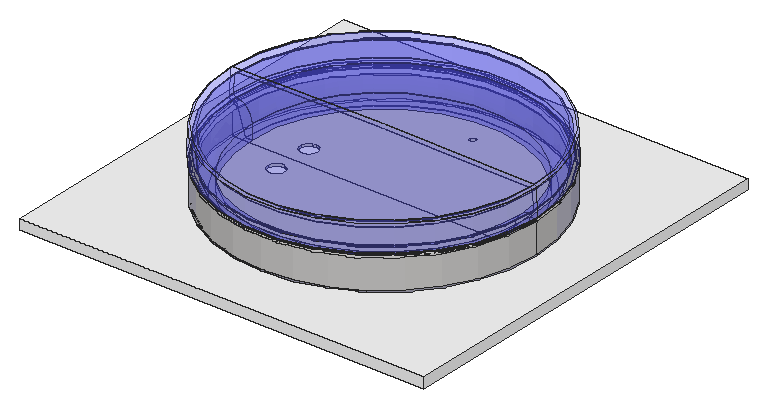
Revit family "BE_50647.2_de_DE", category Leuchten, Revit 2020
Family settings
  Basisbauteil = Fläche
  Bemaßung runder Anschluss = Durchmesser verwenden
  Teiletyp = Normal
  Beim Laden mit Abzugskörper schneiden = Ja
  Lichtquelle = Ja
  Gemeinsam genutzt = Nein
  Raumberechnungspunkt = Ja
Parameters (values of type "BEGA_50647.2_K4")
  built-in parameter 1150104 = 13.852 (stored number, unit not read)
  Wattage = 19.6 W
  Default Elevation = 0 mm
  built-in parameter 1150113 = 1 (stored number, unit not read)
  built-in parameter 1114218 = 1 (stored number, unit not read)
  Umgebungstemperatur = "25 °C"
  URL = "https://www.bega.com/de/produkt/50647.2"
  Typenkommentare = "© 2022 BEGA. Wir behalten uns das Recht vor, technische Änderungen ohne vorherige Ankündigung vorzunehmen."  # constant formula
  Type Image = 50647.2.png
  built-in parameter 1150134 = 12
  built-in parameter 1150109 = 1 (stored number, unit not read)
  Strom = ""
  built-in parameter 1150110 = 1 (stored number, unit not read)
  Spannung = 239.996 V
  Sonderanfertigung = no
  Seriennummer [instance] = "Hier können Sie die eindeutige Seriennummer für das Facility Management eintragen."
  Schutzklasse = "I"
  Schutzart = "IP 64"
  Scheinlast = 0 VA
  Produktdatenblatt = "https://cdn.bega.com/bega/products/50647.2K4/current/documents/data-sheets/de"
  Oberflächentemperatur = ""
  Neigungswinkel = 0.00°
  Modell = "50647.2K4"
  Material_17 = BEGA_Reflektor
  Material_15 = BEGA_Leuchtmedium_matt
  Material_11 = BEGA_Glas_opal
  Material_09 = BEGA_Glas_klar
  Material_06 = BEGA_Oberfläche_Edelstahl_gebürstet
  Material_03 = BEGA_Oberfläche_Weiss_matt
  Material_02 = BEGA_Oberfläche_Silber_matt
  Material_01 [instance] = BEGA_Oberfläche_Grafit_matt
  M_W = no
  M_G = no
  M_A = no
  Logo = 0
  built-in parameter 1114217 = 1 (stored number, unit not read)
  built-in parameter 1150139 = (empty or 0)
  built-in parameter 1150105 = 232.55 (stored number, unit not read)
  built-in parameter 1150114 = 1 (stored number, unit not read)
  Lumens = 2922.36 lm
  built-in parameter 1150115 = 1 (stored number, unit not read)
  Leuchtenlichtstrom = "1486 lm"
  Leuchtenanzahl = ""
  Lebensdauerkriterien = "L70B50 @ 25 °C = 153000 h"
  Lastklassifizierung = Beleuchtung
  built-in parameter 1150112 = 1 (stored number, unit not read)
  Lampenlichtstrom = "3295 lm"
  Lampe = "LED 19.3 W"
  LED_Modulbezeichnung = "LED-0832/940"
  Hersteller = "BEGA"  # constant formula
  Halbstreuwinkel = ""
  Gewicht = "2.6 kg"
  Gebrauchslageneinschränkung [instance] = ""
  Frequenz = "0/50-60 Hz"
  Farbwiedergabeindex = "CRI > 90"
  Farbtemperaturverschiebung bei Dämpfen der Lampe = <Keine Auswahl>
  Farbtemperatur = "4000 K"
  Color Filter = 16777215
  built-in parameter 1150133 = 10 (stored number, unit not read)
  Energieeffizienzklasse = "LED A++ - A"
  built-in parameter 1150137 = (empty or 0)
  built-in parameter 1150132 = (empty or 0)
  ENEC = "ja"
  Dimmbar [instance] = "on/off"
  Datei für fotometrisches Netz = "BE_50647.2K4.IES"
  CE_Konformität = "ja"
  Bestellnummer = "50647.2K4"
  Beschreibung_Sonderanfertigung = "Hier können Sie Informationen zur Sonderanfertigung eintragen."
  Beschreibung = "Decken- und Wandleuchte"
  built-in parameter 1150106 = 2.3255 (stored number, unit not read)
  Befestigungsbohrung = "Ø 5,5 mm"
  Befestigungsabstand = "220 mm"
  Ballwurfsicher = ""
  BEGA_Intern_aus = yes
  BEGA_Intern_an = yes
  BEGA_Intern_Konstruktion = yes
  BEGA_Intern = yes
  BEGA_IES = yes
  BEGA_Dummy = no
  Anschlussleitung = ""
  Anschlussleistung [instance] = "22.5 W"
  Anschlusskasten = ""
  built-in parameter 1150107 = 4000 (stored number, unit not read)
  built-in parameter 1150102 = (empty or 0)
  built-in parameter 1150138 = (empty or 0)
  Aktualisierung = "2022-05-19T04:00:07"
  Abstand_zur_angestrahlten_Fläche [instance] = ""
  AC/DC = "AC/DC"
Types (2, lengths in mm): name | built-in parameter 1150104 | built-in parameter 1150134 | Modell | built-in parameter 1150105 | Lumens | Leuchtenlichtstrom | Lampenlichtstrom | LED_Modulbezeichnung | Farbtemperatur | Datei für fotometrisches Netz | Bestellnummer | built-in parameter 1150106 | built-in parameter 1150107
  BEGA_50647.2_K3 | 13.387 (stored number, unit not read) | (empty or 0) | "50647.2K3" | 224.76 (stored number, unit not read) | 2824.36 lm | "1427 lm" | "3165 lm" | "LED-0832/930" | "3000 K" | "BE_50647.2K3.IES" | "50647.2K3" | 2.2476 (stored number, unit not read) | 3000 (stored number, unit not read)
  BEGA_50647.2_K4 | 13.852 (stored number, unit not read) | 12 | "50647.2K4" | 232.55 (stored number, unit not read) | 2922.36 lm | "1486 lm" | "3295 lm" | "LED-0832/940" | "4000 K" | "BE_50647.2K4.IES" | "50647.2K4" | 2.3255 (stored number, unit not read) | 4000 (stored number, unit not read)
Reference planes
  plane 1 "Mitte (Vorne/Hinten)": y = 0
  plane 2: z = 0
  plane 3 "Mitte (Links/Rechts)": x = 0
  plane 4 "Links": x = -152.499
  plane 5 "Rechts": x = 152.499
  plane 6 "Unten": y = -152.5
  plane 7 "Oben": y = 152.5
  plane 8 "Vorne": z = 66.497
  plane 9 "Hinten": z = 0
Forms (mm)
  Extrusion 1, solid, material "BEGA_Platte_Weiss"
    sketch origin (0, -1119.2, 0) x (1, 0, 0) y (0, 1, 0)
      loop
        line (-200, 1319.2) -> (-200, 919.2) -> (200, 919.2) -> (200, 1319.2) -> (-200, 1319.2)
    from 0 to -10
  Extrusion 2, solid, material "BEGA_Dummy_matt", visible <- "BEGA_Dummy"
    sketch origin (77.149, -76.023, 0) x (1, 0, 0) y (0, 1, 0)
      loop
        circle (-77.149, 76.023) r 152.499
    from 0 to 66.497
Dimensions and locks
  plane 1 "Mitte (Vorne/Hinten)" to Extrusion 1 = 200 mm
  aligned and locked: plane 2 to Extrusion 1
  aligned and locked: level to Extrusion 1
Nested families
  nested 1: "BE_50647.2" at (0, 0, 0), type "BE_50647.2"
Connectors
  electrical at (0, 0, 0), driven by "Lastklassifizierung", driven by "Spannung", driven by "Scheinlast"
    settings: index 1, voltage 239.996 V, apparent load 0 VA, apparent load phase1 0 VA, apparent load phase2 0 VA, apparent load phase3 0 VA, power factor 1, load classification "Beleuchtung", number of poles 1, system type 31, power factor state 1, is connector primary yes, connector utility no, sub classification motor no, connector description ""
Definition of nested family "BE_50647.2"
  Parameters (values of type "BE_50647.2")
    Default Elevation = 1 mm
    URL = "http://www.bega.de/de/produkt"
    Type Comments = "© 2015 BEGA. Wir behalten uns das Recht vor, technische Änderungen ohne vorherige Ankündigung vorzunehmen. "  # constant formula
    Type Image = (empty or 0)
    Neigungswinkel_um_Z2 = 0.00°
    Neigungswinkel_um_Z1 = 0.00°
    Neigungswinkel_um_Y2 = 0.00°
    Neigungswinkel_um_Y1 = 0.00°
    Neigungswinkel_um_X2 = 0.00°
    Neigungswinkel_um_X1 = 0.00°
    Material_17 = none
    Material_15 = none
    Material_11 = none
    Material_09 = none
    Material_06 = none
    Material_05 = none
    Material_03 = none
    Material_02 = none
    Material_01 = none
    M_W = yes
    M_G = yes
    M_A = yes
    Länge_Platte = 350 mm  # constant formula
    Höhe_Platte = -10 mm  # constant formula
    Manufacturer = "BEGA"  # constant formula
    Drehwinkel_um_Z2 = 0.00°
    Drehwinkel_um_Z1 = 0.00°
    Breite_Platte = 350 mm  # constant formula
  Reference planes
    plane 1 "Mitte (Oben/Unten)": y = 0
    plane 2: z = 0
    plane 3 "Mitte (Links/Rechts)": x = 0
    plane 4: x = -152.499
    plane 5: z = 66.497
    plane 6: x = 152.499
    plane 7: y = -152.5
    plane 8: y = 152.5
  Forms (mm)
    Extrusion 1, solid, detail levels medium
      sketch origin (0, 0, 0) x (1, 0, 0) y (0, 1, 0)
        loop
          line (-175, 175) -> (-175, -175) -> (175, -175) -> (175, 175) -> (-175, 175)
      from 0 to -10 <- "Höhe_Platte"
    Revolve 2, solid, material <- "Material_06", detail levels medium+fine
      sketch origin (0, 0, 0) x (1, 0, 0) y (0, 0, 1)
        loop
          arc (-151.35, 3.5) -> (-150.764, 2.086) -> (-149.35, 1.5) r 2
          line (-149.35, 1.5) -> (0, 1.49) -> (0, 3.5) -> (-149.15, 3.5)
          arc (-149.15, 3.5) -> (-149.857, 3.793) -> (-150.15, 4.5) r 1
          line (-150.15, 4.5) -> (-150.15, 33.002) -> (-145.799, 28.651) -> (-144.95, 29.499) -> (-149.043, 33.592)
          arc (-149.043, 33.592) -> (-149.482, 33.886) -> (-150, 33.99) r 1.35
          arc (-150, 33.99) -> (-150.953, 33.596) -> (-151.35, 32.645) r 1.35
          line (-151.35, 32.645) -> (-151.35, 3.5)
        axis (0, 1.49) -> (0, 33.99)
      angle from 0 to 360
    Revolve 3, solid, material <- "Material_06", detail levels medium+fine
      sketch origin (0, 10, 0) x (0, -1, 0) y (0, 0, -1)
        loop
          line (-109.291, -0.446) -> (-112.733, -2.568) -> (-100, -2.568) -> (-100, 0) -> (-107.719, 0)
          arc (-107.719, 0) -> (-108.537, -0.114) -> (-109.291, -0.446) r 3
        axis (-100, 0) -> (-100, -2.568)
      angle from 0 to 360
    Extrusion 4, void
      sketch origin (0, 0, 0) x (1, 0, 0) y (0, 1, 0)
        loop
          circle (-90, 20) r 8.455
        loop
          circle (0, 110) r 2.75
        loop
          circle (-90, -20) r 8.455
        loop
          circle (0, -110) r 2.75
      from 0 to 10
    Revolve 5, solid, material <- "Material_11", detail levels medium+fine
      sketch origin (0, 0, 0) x (1, 0, 0) y (0, 0, 1)
        loop
          arc (0, 66.495) -> (-74.831, 65.822) -> (-149.654, 64.537) r 9149.237
          arc (-149.654, 64.537) -> (-151.005, 63.959) -> (-151.594, 62.612) r 1.996
          line (-151.594, 62.612) -> (-152.499, 36.572)
          arc (-152.499, 36.572) -> (-151.94, 35.112) -> (-150.5, 34.5) r 2
          line (-150.5, 34.5) -> (-145, 34.5) -> (-136, 6) -> (-130, 6) -> (-130, 20.512)
          arc (-130, 20.512) -> (-134.491, 32.395) -> (-145.71, 38.354) r 18
          arc (-145.71, 38.354) -> (-147.612, 39.384) -> (-148.327, 41.426) r 3
          line (-148.327, 41.426) -> (-147.757, 57.54)
          arc (-147.757, 57.54) -> (-146.859, 59.584) -> (-144.799, 60.444) r 3.005
          arc (-144.799, 60.444) -> (-72.403, 61.658) -> (0, 62.3) r 9145.037
          line (0, 62.3) -> (0, 66.495)
        axis (0, 66.495) -> (0, 6)
      angle from 0 to 360
    Revolve 6, solid, material <- "Material_06", detail levels medium+fine
      sketch origin (0, -10, 0) x (0, 1, 0) y (0, 0, 1)
        loop
          arc (-109.291, 0.446) -> (-108.537, 0.114) -> (-107.719, 0) r 3
          line (-107.719, 0) -> (-100, 0) -> (-100, 2.568) -> (-112.733, 2.568) -> (-109.291, 0.446)
        axis (-100, 0) -> (-100, 2.568)
      angle from 0 to 360
  Cuts and joins
    Extrusion 4 cuts Revolve 2
    Extrusion 4 cuts Revolve 3
    Extrusion 4 cuts Revolve 6
    joined: Revolve 2, Revolve 3, Revolve 6
  Dimensions and locks
    equal spacing: Extrusion 1 sketch curve, plane 3 "Mitte (Links/Rechts)", Extrusion 1 sketch curve
    equal spacing: Extrusion 1 sketch curve, plane 1 "Mitte (Oben/Unten)", Extrusion 1 sketch curve
    "Länge_Platte": Extrusion 1 sketch curve to Extrusion 1 sketch curve
    "Breite_Platte": Extrusion 1 sketch curve to Extrusion 1 sketch curve
    aligned and locked: plane 2 to Extrusion 1
    aligned and locked: level to Extrusion 1
  Automatic sketch dimensions
    Revolve 2 sketch curve to Revolve 2 sketch curve = 0 mm  (x9)
    Revolve 2 sketch curve to plane 3 "Mitte (Links/Rechts)" = 0 mm  (x2)
    Revolve 2 sketch curve to Revolve 2 sketch curve = 0.849 mm  (x2)
    Revolve 2 sketch curve to Revolve 2 sketch curve = 4.093 mm
    level to Revolve 2 sketch curve = 3.5 mm
    Revolve 2 sketch curve to Revolve 2 sketch curve = 0.2 mm
    Revolve 2 sketch curve to Revolve 2 sketch curve = 0.957 mm
    Revolve 2 sketch curve to Revolve 2 sketch curve = 1 mm  (x2)
    Revolve 2 sketch curve to Revolve 2 sketch curve = 1.2 mm
    level to Revolve 2 sketch curve = 1.49 mm
    Revolve 2 sketch curve to Revolve 2 sketch curve = 24.151 mm
    Revolve 2 sketch curve to Revolve 2 sketch curve = 3.989 mm
    Revolve 2 sketch curve to Revolve 2 sketch curve = 0.005 mm
    Revolve 2 sketch curve to Revolve 2 sketch curve = 0.362 mm
    Revolve 2 sketch curve to Revolve 2 sketch curve = 0.59 mm
    Revolve 2 sketch curve to Revolve 2 sketch curve = 0.15 mm
    Revolve 2 sketch curve to Revolve 2 sketch curve = 1.76 mm
    level to Revolve 3 sketch curve = 2.568 mm
    level to Revolve 3 sketch curve = 3 mm
    Revolve 3 sketch curve to Revolve 3 sketch curve = 5.014 mm
    Revolve 3 sketch curve to Revolve 3 sketch curve = 7.719 mm
    Revolve 3 sketch curve to level = 0 mm
    level to Revolve 3 sketch curve = 0.446 mm  (x2)
    Revolve 3 sketch curve to Revolve 3 sketch curve = 0.002 mm
    Revolve 3 sketch curve to Revolve 3 sketch curve = 0 mm  (x3)
    plane 1 "Mitte (Oben/Unten)" to Extrusion 4 sketch curve = 20 mm
    Extrusion 4 sketch curve to plane 1 "Mitte (Oben/Unten)" = 20 mm
    Extrusion 4 sketch curve to Extrusion 4 sketch curve = 0 mm
    plane 3 "Mitte (Links/Rechts)" to Extrusion 4 sketch curve = 0 mm  (x2)
    level to Revolve 6 sketch curve = 2.568 mm
    level to Revolve 6 sketch curve = 3 mm
    Revolve 6 sketch curve to Revolve 6 sketch curve = 5.014 mm
    Revolve 6 sketch curve to Revolve 6 sketch curve = 7.719 mm
    Revolve 6 sketch curve to level = 0 mm
    level to Revolve 6 sketch curve = 0.446 mm  (x2)
    Revolve 6 sketch curve to Revolve 6 sketch curve = 0.002 mm
    Revolve 6 sketch curve to Revolve 6 sketch curve = 0 mm  (x3)
    Revolve 5 sketch curve to plane 3 "Mitte (Links/Rechts)" = 0 mm  (x2)
    Revolve 5 sketch curve to Revolve 5 sketch curve = 0.328 mm
    Revolve 5 sketch curve to Revolve 5 sketch curve = 3.003 mm
    Revolve 5 sketch curve to Revolve 5 sketch curve = 3 mm
    Revolve 5 sketch curve to Revolve 5 sketch curve = 2.998 mm
    Revolve 5 sketch curve to Revolve 5 sketch curve = 1.842 mm
    Revolve 5 sketch curve to Revolve 5 sketch curve = 2.173 mm
    Revolve 5 sketch curve to Revolve 5 sketch curve = 1.995 mm
    Revolve 5 sketch curve to Revolve 5 sketch curve = 1.999 mm
    plane 3 "Mitte (Links/Rechts)" to Revolve 5 sketch curve = 44.821 mm
    Revolve 5 sketch curve to Revolve 5 sketch curve = 0.032 mm
    Revolve 5 sketch curve to Revolve 5 sketch curve = 0.101 mm
    Revolve 5 sketch curve to Revolve 5 sketch curve = 16.114 mm
    Revolve 5 sketch curve to Revolve 5 sketch curve = 0.097 mm
    Revolve 5 sketch curve to Revolve 5 sketch curve = 4.854 mm
    Revolve 5 sketch curve to Revolve 5 sketch curve = 0.072 mm
    Revolve 5 sketch curve to Revolve 5 sketch curve = 0 mm  (x5)
    Revolve 5 sketch curve to Revolve 5 sketch curve = 13.988 mm
    Revolve 5 sketch curve to Revolve 5 sketch curve = 14 mm
    level to Revolve 5 sketch curve = 6 mm
    Revolve 5 sketch curve to level = 9082.628 mm
    Revolve 5 sketch curve to Revolve 5 sketch curve = 0.005 mm
    level to Revolve 5 sketch curve = 62.3 mm
    Revolve 5 sketch curve to Revolve 5 sketch curve = 0.071 mm
    Revolve 5 sketch curve to Revolve 5 sketch curve = 4.195 mm
    Revolve 5 sketch curve to Revolve 5 sketch curve = 0.382 mm
    Revolve 5 sketch curve to Revolve 5 sketch curve = 9.492 mm
    Revolve 5 sketch curve to Revolve 5 sketch curve = 14.5 mm
    Revolve 5 sketch curve to Revolve 5 sketch curve = 2.098 mm
    Revolve 2 sketch curve to plane 3 "Mitte (Links/Rechts)" = 144.95 mm
    Revolve 2 sketch curve to Revolve 2 sketch curve = 3.351 mm
    Extrusion 4 sketch curve to plane 3 "Mitte (Links/Rechts)" = 90 mm
    Revolve 5 sketch curve to plane 3 "Mitte (Links/Rechts)" = 130 mm
    Revolve 5 sketch curve to Revolve 5 sketch curve = 6 mm
    Revolve 5 sketch curve to Revolve 5 sketch curve = 14.754 mm
    Revolve 5 sketch curve to Revolve 5 sketch curve = 15 mm
    plane 1 "Mitte (Oben/Unten)" to Extrusion 4 sketch curve = 110 mm
    Extrusion 4 sketch curve to plane 1 "Mitte (Oben/Unten)" = 110 mm
    radius of Extrusion 4 sketch curve = 8.455 mm  (x2)
    radius of Extrusion 4 sketch curve = 2.75 mm  (x2)
